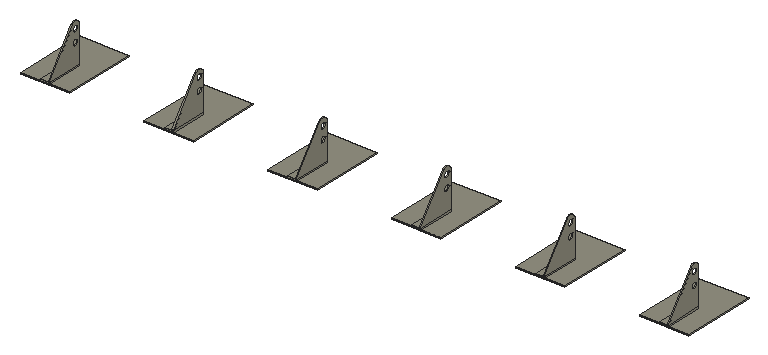
Revit family "Construction_Roof-Accessories_Alpine-SnowGuards_PP325", category Specialty Equipment, host Face, Revit 2019
Family settings
  Host = Face
  Round Connector Dimension = Use Diameter
  Part Type = Normal
  OmniClass Number = 23.35.20.31.27.14
  OmniClass Title = Snow Guards
  Cut with Voids When Loaded = No
  Shared = No
  Room Calculation Point = No
Parameters (values of type "Hi Hole")
  Z_Two Pipe = no
  Z_Two [instance] = Z_Length > Z_Horizontal Spacing  # yes
  Z_Three Pipe = no
  Z_One [instance] = not(Z_Array)  # no
  Z_Length [instance] = if(Length < Z_Horizontal Spacing, Z_Horizontal Spacing, Length)  # 100"
  Z_Horizontal Spacing [instance] = if(Horizontal Spacing < 2", 2", Horizontal Spacing)  # 20"
  Z_Hi Hole = yes
  Z_Array [instance] = and(Z_Length > Z_Horizontal Spacing * 2)  # yes
  URL = "https://www.alpinesnowguards.com/model/pp325?utm_source=bimobject&utm_medium=productlisting&utm_campaign=2022marketing"
  Snow Guard Count [instance] = if(Length < Horizontal Spacing, 1, if(and(Z_Length > Z_Horizontal Spacing, Z_Length < Z_Horizontal Spacing * 2), 2, Z_Number of Pads Control))  # 6
  Product data url = "https://www.bimobject.com/en-us/alpine-snowguards/product/pp325_two_or_three_pipe_snow_guard"
  Product Material = Alpine SnowGuards - Aluminium - Mill Finish
  Product Guid = "d43959fd-ef18-4749-9bf1-83898acdfd0d"
  Z_Number of Pads Control [instance] = if(Z_Length / Z_Horizontal Spacing + 1 < 3, 3, rounddown(Z_Length / Z_Horizontal Spacing + 1))  # 6
  Pad Material = Alpine SnowGuards - Aluminium - Mill Finish
  Model = "PP325 - Hi Hole"
  Manufacturer = "Alpine SnowGuards"  # constant formula
  Length [instance] = 100"
  Keynote = "07720"
  Length Note [instance] = "To show a single SnowGuard set Length to 0"  # constant formula
  Horizontal Spacing = 20"
  Edition number = 1
  Description = "PP325 two or three pipe, pipe-style snow guard bracket in aluminum. Stainless steel base plate size between 6''X12'' - 12''X18''."  # constant formula
  Default Elevation = 48"
  Base Material = Alpine SnowGuards - Aluminium - Mill Finish
  Base [instance] = Base-PP200 : 8" x 12"
  Assembly Code = "B3010"
Types (4): name | Z_Two Pipe | Z_Three Pipe | Z_Hi Hole | Model
  (no name) | no | no | yes | "PP325 - Hi Hole"
  Two Pipe | yes | no | no | "PP325 - Two Pipe"
  Three Pipe | no | yes | no | "PP325 - Three Pipe"
  Hi Hole | no | no | yes | "PP325 - Hi Hole"
Reference planes (in)
  plane 1 "Center (Front/Back)": y = 0
  plane 2: z = 0
  plane 3 "Center (Left/Right)": x = 0
  plane 4: x = 100
  plane 5: z = 0.125
  plane 6: x = 20
  plane 7: y = -5.21833
Dimensions and locks (in)
  "Z_Length": plane 3 "Center (Left/Right)" to plane 4
  locked: plane 5 to plane 2 at 0.125
  "Z_Horizontal Spacing": plane 3 "Center (Left/Right)" to plane 6
  equal spacing: group 1, group 2, group 3, group 7, group 8, group 9  (x3)
  equal spacing: group 4, group 5, group 6, group 10, group 11, group 12  (x3)
  aligned and locked: host face to plane 2
  aligned and locked: level to host face
  aligned and locked: nested 1 to plane 3 "Center (Left/Right)"
  aligned and locked: nested 1 to plane 5
  aligned and locked: plane 3 "Center (Left/Right)" to nested 2
  aligned and locked: plane 6 to nested 3
  aligned and locked: plane 7 to nested 1
  aligned and locked: nested 9 to plane 6
  aligned and locked: plane 7 to nested 9
  aligned and locked: nested 7 to plane 3 "Center (Left/Right)"
  aligned and locked: nested 8 to plane 6
  aligned and locked: plane 7 to nested 7
  aligned and locked: plane 7 to nested 8
  aligned and locked: plane 3 "Center (Left/Right)" to nested 5
  aligned and locked: plane 6 to nested 6
  aligned and locked: plane 7 to nested 5
  aligned and locked: plane 7 to nested 6
Automatic sketch dimensions
  host sketch curve to host sketch curve = 135.21334"
  host sketch curve to host sketch curve = 96"
Nested families (in)
  nested 1: "Construction_Roof-Accessories_Alpine-SnowGuards_Pad-PP314" at (0, -5.35561, 0) x (-1, 0, 0) z (0, 0, 1), Pad Material <- "Pad Material", Three Pipe <- "Z_Three Pipe", Two Pipe <- "Z_Two Pipe", Hi Hole <- "Z_Hi Hole", visible <- "Z_Array", type "-"
    with Two Pipe no, Three Pipe no, Pad Material Alpine SnowGuards - Aluminium - Mill Finish, Hi Hole yes
  nested 2: "Base-PP200" at (0, 6.78167, 0), type <- "Base", Material <- "Base Material", visible <- "Z_Array", type "8" x 12""
    with Material Alpine SnowGuards - Aluminium - Mill Finish
  nested 3: "Base-PP200" at (20, 6.78167, 0), type <- "Base", Material <- "Base Material", visible <- "Z_Array", type "8" x 12""
    with Material Alpine SnowGuards - Aluminium - Mill Finish
  nested 4: "Base-PP200" at (40, 6.78167, 0), type <- "Base", Material <- "Base Material", visible <- "Z_Array", type "8" x 12""
    with Material Alpine SnowGuards - Aluminium - Mill Finish
  nested 5: "Base-PP200" at (0, 6.78167, 0), type <- "Base", Material <- "Base Material", visible <- "Z_One", type "8" x 12""
    with Material Alpine SnowGuards - Aluminium - Mill Finish
  nested 6: "Base-PP200" at (20, 6.78167, 0), type <- "Base", Material <- "Base Material", visible <- "Z_Two", type "8" x 12""
    with Material Alpine SnowGuards - Aluminium - Mill Finish
  nested 7: "Construction_Roof-Accessories_Alpine-SnowGuards_Pad-PP314" at (0, -5.35561, 0) x (-1, 0, 0) z (0, 0, 1), Three Pipe <- "Z_Three Pipe", Two Pipe <- "Z_Two Pipe", Hi Hole <- "Z_Hi Hole", Pad Material <- "Pad Material", visible <- "Z_One", type "-"
    with Two Pipe no, Three Pipe no, Pad Material Alpine SnowGuards - Aluminium - Mill Finish, Hi Hole yes
  nested 8: "Construction_Roof-Accessories_Alpine-SnowGuards_Pad-PP314" at (20, -5.35561, 0) x (-1, 0, 0) z (0, 0, 1), Three Pipe <- "Z_Three Pipe", Two Pipe <- "Z_Two Pipe", Hi Hole <- "Z_Hi Hole", Pad Material <- "Pad Material", visible <- "Z_Two", type "-"
    with Two Pipe no, Three Pipe no, Pad Material Alpine SnowGuards - Aluminium - Mill Finish, Hi Hole yes
  nested 9: "Construction_Roof-Accessories_Alpine-SnowGuards_Pad-PP314" at (20, -5.35561, 0) x (-1, 0, 0) z (0, 0, 1), Pad Material <- "Pad Material", Three Pipe <- "Z_Three Pipe", Two Pipe <- "Z_Two Pipe", Hi Hole <- "Z_Hi Hole", visible <- "Z_Array", type "-"
    with Two Pipe no, Three Pipe no, Pad Material Alpine SnowGuards - Aluminium - Mill Finish, Hi Hole yes
  nested 10: "Construction_Roof-Accessories_Alpine-SnowGuards_Pad-PP314" at (40, -5.35561, 0) x (-1, 0, 0) z (0, 0, 1), Pad Material <- "Pad Material", Three Pipe <- "Z_Three Pipe", Two Pipe <- "Z_Two Pipe", Hi Hole <- "Z_Hi Hole", visible <- "Z_Array", type "-"
    with Two Pipe no, Three Pipe no, Pad Material Alpine SnowGuards - Aluminium - Mill Finish, Hi Hole yes
  nested 11: "Base-PP200" at (60, 6.78167, 0), type <- "Base", Material <- "Base Material", visible <- "Z_Array", type "8" x 12""
    with Material Alpine SnowGuards - Aluminium - Mill Finish
  nested 12: "Base-PP200" at (80, 6.78167, 0), type <- "Base", Material <- "Base Material", visible <- "Z_Array", type "8" x 12""
    with Material Alpine SnowGuards - Aluminium - Mill Finish
  nested 13: "Base-PP200" at (100, 6.78167, 0), type <- "Base", Material <- "Base Material", visible <- "Z_Array", type "8" x 12""
    with Material Alpine SnowGuards - Aluminium - Mill Finish
  nested 14: "Construction_Roof-Accessories_Alpine-SnowGuards_Pad-PP314" at (60, -5.35561, 0) x (-1, 0, 0) z (0, 0, 1), Pad Material <- "Pad Material", Three Pipe <- "Z_Three Pipe", Two Pipe <- "Z_Two Pipe", Hi Hole <- "Z_Hi Hole", visible <- "Z_Array", type "-"
    with Two Pipe no, Three Pipe no, Pad Material Alpine SnowGuards - Aluminium - Mill Finish, Hi Hole yes
  nested 15: "Construction_Roof-Accessories_Alpine-SnowGuards_Pad-PP314" at (80, -5.35561, 0) x (-1, 0, 0) z (0, 0, 1), Pad Material <- "Pad Material", Three Pipe <- "Z_Three Pipe", Two Pipe <- "Z_Two Pipe", Hi Hole <- "Z_Hi Hole", visible <- "Z_Array", type "-"
    with Two Pipe no, Three Pipe no, Pad Material Alpine SnowGuards - Aluminium - Mill Finish, Hi Hole yes
  nested 16: "Construction_Roof-Accessories_Alpine-SnowGuards_Pad-PP314" at (100, -5.35561, 0) x (-1, 0, 0) z (0, 0, 1), Pad Material <- "Pad Material", Three Pipe <- "Z_Three Pipe", Two Pipe <- "Z_Two Pipe", Hi Hole <- "Z_Hi Hole", visible <- "Z_Array", type "-"
    with Two Pipe no, Three Pipe no, Pad Material Alpine SnowGuards - Aluminium - Mill Finish, Hi Hole yes
Definition of nested family "Construction_Roof-Accessories_Alpine-SnowGuards_Pad-PP314"
  Parameters (values of type "-")
    Hi Hole [instance] = no
    Two Pipe [instance] = yes
    Three Pipe [instance] = no
    Pad Material [instance] = none
  Reference planes (in)
    plane 1 "Center (Front/Back)": y = 0
    plane 2: z = 0
    plane 3 "Center (Left/Right)": x = 0
    plane 4: y = -12
    plane 5: x = -3
    plane 6: x = 3
    plane 7: y = -6.13728
    plane 8: y = -5.49289
  Forms (in)
    Extrusion 1, solid, material <- "Pad Material"
      sketch origin (0, 0, 0) x (1, 0, 0) y (0, 0, 1)
        loop
          line (-0.71875, 0.3125) -> (-0.71875, 0.125) -> (0.71875, 0.125) -> (0.71875, 0.3125) -> (-0.71875, 0.3125)
      from 0.13728 to 6.13728
    Sweep 2, solid, material <- "Pad Material", visible <- "Two Pipe", detail levels fine
      path origin (-0.625, 0, -0.125) x (1, 0, 0) y (0, 0, 1)
        loop
          line (-0.09375, 0.4375) -> (0.09375, 0.4375)
      profile origin (-0.625, 0, 0.3125) x (0, 0, 1) y (0, -1, 0)
        loop
          line (0, 0.13728) -> (0.11115, 0.13728) -> (6.31868, 4.76534)
          arc (6.31868, 4.76534) -> (6.58627, 5.61558) -> (5.86354, 6.13728) r 0.76146
          line (5.86354, 6.13728) -> (0, 6.13728) -> (0, 0.13728)
        loop
          circle (5.53135, 5.34534) r 0.53125
        loop
          circle (1.53671, 5.35561) r 0.53125
    Sweep 3, solid, material <- "Pad Material", visible <- "Three Pipe", detail levels fine
      path origin (-0.625, 0, -0.125) x (1, 0, 0) y (0, 0, 1)
        loop
          line (-0.09375, 0.4375) -> (0.09375, 0.4375)
      profile origin (-0.625, 0, 0.3125) x (0, 0, 1) y (0, -1, 0)
        loop
          line (0, 0.13728) -> (0.11115, 0.13728) -> (6.31868, 4.76534)
          arc (6.31868, 4.76534) -> (6.58627, 5.61558) -> (5.86354, 6.13728) r 0.76146
          line (5.86354, 6.13728) -> (0, 6.13728) -> (0, 0.13728)
        loop
          circle (5.53125, 5.35561) r 0.53125
        loop
          circle (3.34375, 5.35561) r 0.53125
        loop
          circle (1.21875, 5.35561) r 0.53125
    Sweep 4, solid, material <- "Pad Material", visible <- "Hi Hole", detail levels fine
      path origin (-0.625, 0, -0.125) x (1, 0, 0) y (0, 0, 1)
        loop
          line (-0.09375, 0.4375) -> (0.09375, 0.4375)
      profile origin (-0.625, 0, 0.3125) x (0, 0, 1) y (0, -1, 0)
        loop
          arc (6.31868, 4.76534) -> (6.58627, 5.61558) -> (5.86354, 6.13728) r 0.76146
          line (5.86354, 6.13728) -> (0, 6.13728) -> (0, 0.13728) -> (0.11115, 0.13728) -> (6.31868, 4.76534)
        loop
          circle (5.53125, 5.35561) r 0.53125
        loop
          circle (3.53125, 5.35561) r 0.53125
    Sweep 5, solid, material <- "Pad Material", detail levels coarse+medium
      path origin (-0.625, -9, -0.125) x (1, 0, 0) y (0, 0, 1)
        loop
          line (-0.09375, 0.4375) -> (0.09375, 0.4375)
      profile origin (-0.625, -9, 0.3125) x (0, 0, 1) y (0, -1, 0)
        loop
          arc (6.31868, -4.23466) -> (6.58627, -3.38442) -> (5.86354, -2.86272) r 0.76146
          line (5.86354, -2.86272) -> (0, -2.86272) -> (0, -8.86272) -> (0.11115, -8.86272) -> (6.31868, -4.23466)
  Dimensions and locks (in)
    locked: plane 4 to plane 1 "Center (Front/Back)" at 12
    equal spacing: plane 5, plane 3 "Center (Left/Right)", plane 6
    plane 5 to plane 6 = 6"
    locked: plane 7 to plane 4 at 5.86272
    locked: Extrusion 1 sketch curve to plane 2 at 0.125
    locked: Extrusion 1 sketch curve to Extrusion 1 sketch curve at 0.1875
    locked: plane 8 to plane 7 at 0.64439
    locked: Extrusion 1 sketch curve to plane 5 at 2.28125
    aligned and locked: level to plane 2
  Automatic sketch dimensions
    Sweep 2 sketch curve to plane 3 "Center (Left/Right)" = 23/32"
    Sweep 2 sketch curve to plane 3 "Center (Left/Right)" = 17/32"
    level to Sweep 2 sketch curve = 5/16"
    Sweep 3 sketch curve to plane 3 "Center (Left/Right)" = 23/32"
    Sweep 3 sketch curve to plane 3 "Center (Left/Right)" = 17/32"
    level to Sweep 3 sketch curve = 5/16"
    Sweep 4 sketch curve to plane 3 "Center (Left/Right)" = 23/32"
    Sweep 4 sketch curve to plane 3 "Center (Left/Right)" = 17/32"
    level to Sweep 4 sketch curve = 5/16"
    plane 3 "Center (Left/Right)" to Extrusion 1 sketch curve = 23/32"
    profile plane to Sweep 4 sketch curve = 0"
    Sweep 4 sketch curve to profile plane = 0.11115"
    Sweep 4 sketch curve to profile plane = 3 17/32"
    Sweep 4 sketch curve to Sweep 4 sketch curve = 0.33229"
    Sweep 4 sketch curve to Sweep 4 sketch curve = 0.45514"
    plane 1 "Center (Front/Back)" to Sweep 4 sketch curve = 0.13728"
    plane 1 "Center (Front/Back)" to Sweep 4 sketch curve = 4.76534"
    Sweep 4 sketch curve to Sweep 4 sketch curve = 0.59027"
    Sweep 4 sketch curve to Sweep 4 sketch curve = 0"
    Sweep 4 sketch curve to Sweep 4 sketch curve = 0.0202"
    Sweep 4 sketch curve to Sweep 4 sketch curve = 2"
    profile plane to Sweep 3 sketch curve = 0"
    Sweep 3 sketch curve to profile plane = 0.11115"
    Sweep 3 sketch curve to profile plane = 1 7/32"
    Sweep 3 sketch curve to Sweep 3 sketch curve = 2 1/8"
    Sweep 3 sketch curve to Sweep 3 sketch curve = 2 3/16"
    Sweep 3 sketch curve to Sweep 3 sketch curve = 0.33229"
    Sweep 3 sketch curve to Sweep 3 sketch curve = 0.45514"
    plane 1 "Center (Front/Back)" to Sweep 3 sketch curve = 0.13728"
    plane 1 "Center (Front/Back)" to Sweep 3 sketch curve = 4.76534"
    Sweep 3 sketch curve to Sweep 3 sketch curve = 0.59027"
    Sweep 3 sketch curve to Sweep 3 sketch curve = 0"  (x2)
    Sweep 3 sketch curve to Sweep 3 sketch curve = 0.0202"
    profile plane to Sweep 2 sketch curve = 0"
    Sweep 2 sketch curve to Sweep 2 sketch curve = 0.11115"
    Sweep 2 sketch curve to profile plane = 1.53671"
    Sweep 2 sketch curve to Sweep 2 sketch curve = 3.99464"
    Sweep 2 sketch curve to Sweep 2 sketch curve = 0.33219"
    Sweep 2 sketch curve to Sweep 2 sketch curve = 0.45514"
    plane 1 "Center (Front/Back)" to Sweep 2 sketch curve = 0.13728"
    plane 1 "Center (Front/Back)" to Sweep 2 sketch curve = 4.76534"
    Sweep 2 sketch curve to Sweep 2 sketch curve = 0.58"
    Sweep 2 sketch curve to Sweep 2 sketch curve = 0.01027"
    Sweep 2 sketch curve to Sweep 2 sketch curve = 0.03047"
    level to Sweep 5 sketch curve = 5/16"
    Sweep 5 sketch curve to plane 3 "Center (Left/Right)" = 23/32"
    Sweep 5 sketch curve to Sweep 5 sketch curve = 3/16"
    profile plane to Sweep 5 sketch curve = 0"
    Sweep 5 sketch curve to Sweep 5 sketch curve = 0.11115"
    Sweep 5 sketch curve to Sweep 5 sketch curve = 0.45514"
    Sweep 5 sketch curve to profile plane = 8.86272"
    Sweep 5 sketch curve to profile plane = 4.23466"
    Sweep 5 sketch curve to Sweep 5 sketch curve = 0.61047"
    Sweep 5 sketch curve to Sweep 5 sketch curve = 5.86354"
    radius of Sweep 4 sketch curve = 17/32"  (x2)
    radius of Sweep 3 sketch curve = 17/32"  (x3)
    radius of Sweep 2 sketch curve = 17/32"  (x2)
Definition of nested family "Base-PP200"
  Parameters (values of type "12" x 16"")
    x = Height / 3  # 5.33333"
    W = 12"
    Material [instance] = none
    Height = 16"
    8x12 = not([6x12])  # yes
    6x12 = no
  Types (24): name | x | W | Height | 8x12 | 6x12
    6" X 12" | 4" | 6" | 12" | no | yes
    8" x 12" | 4" | 8" | 12" | yes | no
    8" x 14" | 4.66667" | 8" | 14" | yes | no
    10" x 12" | 4" | 10" | 12" | yes | no
    10" x 14" | 4.66667" | 10" | 14" | yes | no
    10" x 16" | 5.33333" | 10" | 16" | yes | no
    10" x 18" | 6" | 10" | 18" | yes | no
    10" x 20" | 6.66667" | 10" | 20" | yes | no
    11" x 18" | 6" | 11" | 18" | yes | no
    11" x 20" | 6.66667" | 11" | 20" | yes | no
    12" x 12" | 4" | 12" | 12" | yes | no
    12" x 14" | 4.66667" | 12" | 14" | yes | no
    12" x 16" | 5.33333" | 12" | 16" | yes | no
    12" x 18" | 6" | 12" | 18" | yes | no
    12" x 20" | 6.66667" | 12" | 20" | yes | no
    12" x 22" | 7.33333" | 12" | 22" | yes | no
    12" x 24" | 8" | 12" | 24" | yes | no
    14" x 14" | 4.66667" | 14" | 14" | yes | no
    14" x 16" | 5.33333" | 14" | 16" | yes | no
    14" x 18" | 6" | 14" | 18" | yes | no
    14" x 20" | 6.66667" | 14" | 20" | yes | no
    14" x 22" | 7.33333" | 14" | 22" | yes | no
    14" x 24" | 8" | 14" | 24" | yes | no
    8" x 16" | 5.33333" | 8" | 16" | yes | no
  Reference planes (in)
    plane 1 "Center (Front/Back)": y = 0
    plane 2: z = 0
    plane 3 "Center (Left/Right)": x = 0
    plane 4: x = -6
    plane 5: x = 6
    plane 6: y = -16
  Forms (in)
    Extrusion 1, solid, material <- "Material"
      sketch origin (0, 0, 0) x (1, 0, 0) y (0, 0, 1)
        loop
          line (-6, 0.125) -> (-6, 0) -> (6, 0) -> (6, 0.125) -> (-6, 0.125)
      from 0 to 16
  Lines and regions (in)
    model lines, visible <- "6x12", detail levels fine
      curve 1: circle (-5.375, -0.625, 0) r 0.3125 normal (0, 0, 1)
      curve 2: circle (-5.375, -2.125, 0) r 0.3125 normal (0, 0, 1)
      curve 3: circle (5.375, -0.625, 0) r 0.3125 normal (0, 0, -1)
      curve 4: circle (5.375, -2.125, 0) r 0.3125 normal (0, 0, -1)
    model lines, visible <- "8x12", detail levels fine
      curve 5: circle (-5, -5.33333, 0) r 0.3125 normal (0, 0, 1)
      curve 6: circle (-5, -3.33333, 0) r 0.3125 normal (0, 0, 1)
      curve 7: circle (5, -5.33333, 0) r 0.3125 normal (0, 0, -1)
      curve 8: circle (5, -3.33333, 0) r 0.3125 normal (0, 0, -1)
  Dimensions and locks (in)
    equal spacing: plane 4, plane 3 "Center (Left/Right)", plane 5
    "W": plane 4 to plane 5
    locked: Extrusion 1 sketch curve to level at 0.125
    locked: curve 1 to plane 1 "Center (Front/Back)" at 0.625
    locked: plane 4 to curve 1 at 0.625
    locked: curve 2 to curve 1 at 1.5
    locked: plane 4 to curve 2 at 0.625
    locked: curve 4 to curve 3 at 1.5
    "x": curve 5 to plane 1 "Center (Front/Back)"
    locked: plane 4 to curve 5 at 1
    locked: plane 4 to curve 6 at 1
    locked: curve 6 to curve 5 at 2
    locked: curve 8 to curve 7 at 2
    "x": curve 7 to plane 1 "Center (Front/Back)"
    locked: curve 3 to plane 1 "Center (Front/Back)" at 0.625
    locked: curve 3 to plane 5 at 0.625
    locked: curve 4 to plane 5 at 0.625
    locked: curve 8 to plane 5 at 1
    locked: curve 7 to plane 5 at 1
    "Height": plane 6 to plane 1 "Center (Front/Back)"
    aligned and locked: level to plane 2
    aligned and locked: plane 4 to Extrusion 1 sketch curve
    aligned and locked: plane 2 to Extrusion 1 sketch curve
    aligned and locked: Extrusion 1 sketch curve to plane 5
    aligned and locked: Extrusion 1 to plane 1 "Center (Front/Back)"
    aligned and locked: plane 6 to Extrusion 1
  Automatic sketch dimensions
    radius of curve 1 = 5/16"
    radius of curve 2 = 5/16"
    radius of curve 3 = 5/16"
    radius of curve 4 = 5/16"
    radius of curve 5 = 5/16"
    radius of curve 6 = 5/16"
    radius of curve 7 = 5/16"
    radius of curve 8 = 5/16"
